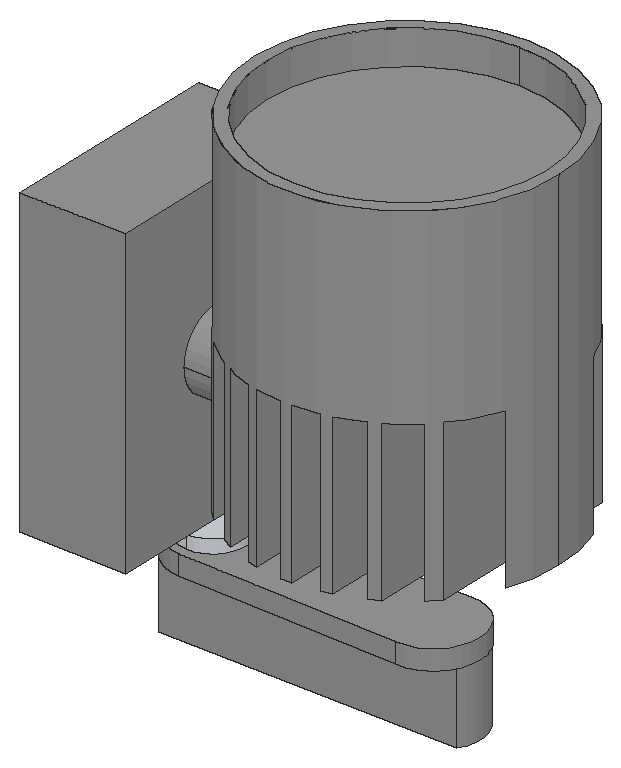
Revit family "2059779 Sylvania Lighting Fixture BEACON XL MUSE Xicato 3500K O B DIM LS3 Black", category Lighting Fixtures, host Face, Revit 2016
Family settings
  Host = Face
  Part Type = Normal
  Round Connector Dimension = Use Diameter
  OmniClass Number = 23.80.70.00
  OmniClass Title = Lighting
  Cut with Voids When Loaded = No
  Light Source = Yes
  Shared = No
  Room Calculation Point = No
Parameters (values of type "2059779 BEACON XL MUSE XICATO 3500K O/B LS3 BLK")
  ceiling drop = 180 mm
  Weight = "n/a"
  Wattage Comments = ""
  Wattage = 0 W
  WarrantyStartDate [instance] = "n/a"
  WarrantyGuarantorParts = ""
  WarrantyDurationUnit = "http://www.sylvania-lighting.com"
  WarrantyDurationParts = "n/a"
  WarrantyDescription = "0.95"
  built-in parameter 1150110 = 1 (stored number, unit not read)
  Voltage = 0 V
  URL = "\\\\svlondc02\\data\\R&D_Fixtures_General\\Dialux Admin\\Michael H\\Bim\\All ranges Feilo\\not Completed\\Beacon Xicato\\Beacon XL Muse Xicato\\2059779.ies"
  TypeName = "BEACON XL MUSE Xicato 3500K O/B DIM LS3 Black"
  Type Image = <None>
  Type Comments = "n/a"
  built-in parameter 1114217 = 1 (stored number, unit not read)
  Tilt Angle = 90.00°
  built-in parameter 1150109 = 1 (stored number, unit not read)
  built-in parameter 1150134 = 3
  built-in parameter 1150113 = 1 (stored number, unit not read)
  SerialNumber [instance] = "n/a"
  Photometric Web File = "2059779.ies"
  Material_3_FEILO = none
  PowerFactor = 0
  PowerConsumption = "0"
  NominalLength = 0 mm
  NominalHeight = 0 mm
  NominalDepth = 0 mm
  Name = "BEACON XL MUSE Xicato 3500K O/B DIM LS3 Black"
  ModelReference = Name  # "BEACON XL MUSE Xicato 3500K O/B DIM LS3 Black"
  ModelNumber = "2059779"
  Model = Name  # "BEACON XL MUSE Xicato 3500K O/B DIM LS3 Black"
  Material = ""
  ManufacturerName = ""
  Manufacturer = ""
  LuminousEfficacy = "100"
  built-in parameter 1150105 = (empty or 0)
  Lumens = 0 lm
  LuminaireType = "668/1741 lm"
  built-in parameter 1150115 = 1 (stored number, unit not read)
  Lighting Material = none
  LightOutputRatio = "3"
  built-in parameter 1150137 = (empty or 0)
  built-in parameter 1150139 = (empty or 0)
  Light = none
  LampsType = Lamp  # "n/a"
  LampNominalLuminous = "LED"
  LampMacAdamStep = "16500"
  LampColourTemperature = "n/a"
  LampColourRenderingIndex = "n/a"
  built-in parameter 1150112 = 1 (stored number, unit not read)
  built-in parameter 1150114 = 1 (stored number, unit not read)
  Lamp = "n/a"
  Keynote = "0"
  InstallationDate [instance] = "n/a"
  InputVoltage = "IP20"
  InputNominalFrequency = "IK02"
  built-in parameter 1150132 = (empty or 0)
  built-in parameter 1150102 = (empty or 0)
  built-in parameter 1150107 = 3200 (stored number, unit not read)
  built-in parameter 1150138 = (empty or 0)
  IngressProtection = ""
  ImpactProtectionIndex = "Class II"
  built-in parameter 1150106 = (empty or 0)
  IfcExportType = "IfcLightFixtureType"
  IfcExportAs = "50"
  ExpectedLife = 50000
  Emit from Circle Diameter = 609.6 mm
  Emit Shape Visible in Rendering = no
  ElectricShockClassification = ""
  built-in parameter 1150104 = 13.8 (stored number, unit not read)
  DurationUnit = "hours"
  Driver Width = 85 mm
  DocumentationLiterature = "http://www.sylvania-lighting.com/product/en-int/products/2059779"
  DimmingControlOptions = "n/a"
  Material_2_FEILO = none
  Dimming Lamp Color Temperature Shift = <None>
  Diameter = 115 mm
  Description = "Integrated LED spotlight with Xicato Artist LED Module, black RAL 9005, unique soft-touch ring, adjustable beam angle from a 10° spot to a 72° flood, compact and minimalist design, ideal for museum, gallery and high-end retail applications, die-cast aluminium body, passive cooling heatsink, beam angle: 10° spot to 72° flood, optics: aspheric glass lens, colour temperature: 3500K warm white, total system power: 35W, total fixture output: 668/1741lm, luminaire efficacy: 50lm/W, LOR: 100%, super high colour rendering: Ra 97 typical, R9 value at 90, LED Chromacity: 3 step MacAdam ellipse, lifetime: 50,000 hours at 70% of the original output (L70), energy class: A++, A+, A, IR/UV free light source without heat radiation, operating voltage: 220-240V / 50-60Hz, drive current: 1050mA, electronic driver, dimmable via on-board potentiometer, power factor: 0.95, electrical protection: CLASS I, 3-circuit track adaptor, suitable for Concord Lytespan 3 track, ingress protection rating: IP20, suitable for internal use."
  Default Elevation = 115 mm
  CreatedOn = "01/07/2019"
  CreatedBy = "@sylvania-lighting.com"
  Cost = 0
  Color Filter = 16777215
  built-in parameter 1114216 [instance] = (empty or 0)
  ClassificationValue = "EF_70_80"
  ClassificationName = "Uniclass2015"
  Material_1_FEILO = none
  BarCode [instance] = "n/a"
  built-in parameter 1114218 = 1 (stored number, unit not read)
  built-in parameter 1150133 = 10 (stored number, unit not read)
  AssetType = "Fixed"
  AssetIdentifier [instance] = "n/a"
  Assembly Code = "D5020200"
  Apparent Load = 35 VA
  Material_4_FEILO = none
  Adaptor Width = 35 mm
  Adaptor Pivot = 24.952 mm
  Adaptor Inside Width = 16.53 mm
Reference planes
  plane 1 "Center (Front/Back)": y = 0
  plane 2: z = 0
  plane 3 "Center (Left/Right)": x = 0
  plane 4: y = 57.5
  plane 5: y = -57.5
  plane 6: x = -57.5
  plane 7: x = 57.5
  plane 8: z = 180
  plane 9: z = 18
  plane 10: x = -72.5
  plane 11: x = -112.5
  plane 12: z = 133
  plane 13: z = 48
  plane 14: z = 76
  plane 15: y = 42.5
  plane 16: y = -42.5
  plane 17: y = 18.447
  plane 18: y = -16.553
  plane 19: y = 12.476
  plane 20: y = -12.476
  plane 21: y = 8.265
  plane 22: y = -8.265
  plane 23: z = 5.5
Forms (mm)
  Extrusion 1, solid, material "Aluminum", detail levels medium+fine
    sketch origin (0, 0, 0) x (1, 0, 0) y (0, 1, 0)
      loop
        circle (0, 0) r 57.5
    from 48 to 180
  Extrusion 2, solid, material "Aluminum", detail levels medium+fine
    sketch origin (0, 0, 0) x (1, 0, 0) y (0, 1, 0)
      loop
        line (-112.5, 42.5) -> (-112.5, -42.16) -> (-72.5, -42.16) -> (-72.5, 42.5) -> (-112.5, 42.5)
    from 18 to 133
  Extrusion 3, void
    sketch origin (0, 0, 48) x (1, 0, 0) y (0, 1, 0)
      loop
        line (43.7, -85.519) -> (53.7, -85.519) -> (53.7, 68.594) -> (43.7, 68.594) -> (43.7, -85.519)
      loop
        line (39.9, -85.519) -> (39.9, 68.594) -> (29.9, 68.594) -> (29.9, -85.519) -> (39.9, -85.519)
      loop
        line (26.1, -85.519) -> (26.1, 68.594) -> (16.1, 68.594) -> (16.1, -85.519) -> (26.1, -85.519)
      loop
        line (12.3, -85.519) -> (12.3, 68.594) -> (2.3, 68.594) -> (2.3, -85.519) -> (12.3, -85.519)
      loop
        line (-1.5, -85.519) -> (-1.5, 68.594) -> (-11.5, 68.594) -> (-11.5, -85.519) -> (-1.5, -85.519)
      loop
        line (-15.3, -85.519) -> (-15.3, 68.594) -> (-25.3, 68.594) -> (-25.3, -85.519) -> (-15.3, -85.519)
      loop
        line (-29.1, -85.519) -> (-29.1, 68.594) -> (-39.1, 68.594) -> (-39.1, -85.519) -> (-29.1, -85.519)
      loop
        line (-42.9, -85.519) -> (-42.9, 68.594) -> (-52.9, 68.594) -> (-52.9, -85.519) -> (-42.9, -85.519)
    from 0 to 60
  Extrusion 4, solid, material "Aluminum"
    sketch origin (319, 1524, 1219.2) x (0, 1, 0) y (0, 0, 1)
      loop
        circle (-1524, -1143.2) r 15
    from -391.5 to -361.9
  Extrusion 5, solid, detail levels fine
    sketch origin (-0.798, -15.316, 18) x (0, 1, 0) y (1, 0, 0)
      loop
        circle (15.34, -72.5) r 12.5
    from 0 to 5
  Extrusion 6, solid, material "Aluminum", detail levels fine
    sketch origin (-1.795, -27.856, 13) x (-1, 0, 0) y (0, 1, 0)
      loop
        arc (-11.998, 45.379) -> (-29.497, 27.722) -> (-11.683, 10.382) r 17.5
        line (-11.683, 10.382) -> (71.502, 11.879)
        arc (71.502, 11.879) -> (87.502, 27.879) -> (71.502, 43.879) r 16
        line (71.502, 43.879) -> (-11.998, 45.379)
    from 0 to 7.5
  Extrusion 7, void
    sketch origin (0, 0, 180) x (0, 1, 0) y (1, 0, 0)
      loop
        circle (0, 0) r 53
    from 0 to 15
  Extrusion 8, solid, material "Aluminum", detail levels fine
    sketch origin (0, 0, 0) x (1, 0, 0) y (0, 1, 0)
      loop
        arc (-87.012, 8.265) -> (-89.298, 0) -> (-87.012, -8.265) r 16.086
        line (-87.012, -8.265) -> (25.615, -8.265)
        arc (25.615, -8.265) -> (27.702, 0) -> (25.615, 8.265) r 17.405
        line (25.615, 8.265) -> (-87.012, 8.265)
    from -21.5 to 5.5
  Extrusion 9, solid, not visible
    sketch origin (0, 0, 0) x (1, 0, 0) y (0, 1, 0)
      loop
        circle (0, 0) r 57.5
    from 48 to 180
  Extrusion 10, void, not visible
    sketch origin (0, 0, 48) x (1, 0, 0) y (0, 1, 0)
      loop
        line (43.7, -85.519) -> (53.7, -85.519) -> (53.7, 68.594) -> (43.7, 68.594) -> (43.7, -85.519)
      loop
        line (39.9, -85.519) -> (39.9, 68.594) -> (29.9, 68.594) -> (29.9, -85.519) -> (39.9, -85.519)
      loop
        line (26.1, -85.519) -> (26.1, 68.594) -> (16.1, 68.594) -> (16.1, -85.519) -> (26.1, -85.519)
      loop
        line (12.3, -85.519) -> (12.3, 68.594) -> (2.3, 68.594) -> (2.3, -85.519) -> (12.3, -85.519)
      loop
        line (-1.5, -85.519) -> (-1.5, 68.594) -> (-11.5, 68.594) -> (-11.5, -85.519) -> (-1.5, -85.519)
      loop
        line (-15.3, -85.519) -> (-15.3, 68.594) -> (-25.3, 68.594) -> (-25.3, -85.519) -> (-15.3, -85.519)
      loop
        line (-29.1, -85.519) -> (-29.1, 68.594) -> (-39.1, 68.594) -> (-39.1, -85.519) -> (-29.1, -85.519)
      loop
        line (-42.9, -85.519) -> (-42.9, 68.594) -> (-52.9, 68.594) -> (-52.9, -85.519) -> (-42.9, -85.519)
    from 0 to 60
  Extrusion 11, solid, not visible
    sketch origin (319, 1524, 1219.2) x (0, 1, 0) y (0, 0, 1)
      loop
        circle (-1524, -1143.2) r 15
    from -391.5 to -361.9
  Extrusion 12, void, not visible
    sketch origin (0, 0, 180) x (0, 1, 0) y (1, 0, 0)
      loop
        circle (0, 0) r 53
    from 0 to 15
  Extrusion 13, solid, not visible
    sketch origin (0, 0, 0) x (1, 0, 0) y (0, 1, 0)
      loop
        circle (0, 0) r 57.5
    from 48 to 180
  Extrusion 14, solid, not visible
    sketch origin (0, 0, 0) x (1, 0, 0) y (0, 1, 0)
      loop
        line (-112.5, 42.5) -> (-112.5, -42.16) -> (-72.5, -42.16) -> (-72.5, 42.5) -> (-112.5, 42.5)
    from 18 to 133
  Extrusion 15, void, not visible
    sketch origin (0, 0, 48) x (1, 0, 0) y (0, 1, 0)
      loop
        line (43.7, -85.519) -> (53.7, -85.519) -> (53.7, 68.594) -> (43.7, 68.594) -> (43.7, -85.519)
      loop
        line (39.9, -85.519) -> (39.9, 68.594) -> (29.9, 68.594) -> (29.9, -85.519) -> (39.9, -85.519)
      loop
        line (26.1, -85.519) -> (26.1, 68.594) -> (16.1, 68.594) -> (16.1, -85.519) -> (26.1, -85.519)
      loop
        line (12.3, -85.519) -> (12.3, 68.594) -> (2.3, 68.594) -> (2.3, -85.519) -> (12.3, -85.519)
      loop
        line (-1.5, -85.519) -> (-1.5, 68.594) -> (-11.5, 68.594) -> (-11.5, -85.519) -> (-1.5, -85.519)
      loop
        line (-15.3, -85.519) -> (-15.3, 68.594) -> (-25.3, 68.594) -> (-25.3, -85.519) -> (-15.3, -85.519)
      loop
        line (-29.1, -85.519) -> (-29.1, 68.594) -> (-39.1, 68.594) -> (-39.1, -85.519) -> (-29.1, -85.519)
      loop
        line (-42.9, -85.519) -> (-42.9, 68.594) -> (-52.9, 68.594) -> (-52.9, -85.519) -> (-42.9, -85.519)
    from 0 to 60
  Extrusion 16, solid, not visible
    sketch origin (319, 1524, 1219.2) x (0, 1, 0) y (0, 0, 1)
      loop
        circle (-1524, -1143.2) r 15
    from -391.5 to -361.9
  Extrusion 17, void, not visible
    sketch origin (0, 0, 180) x (0, 1, 0) y (1, 0, 0)
      loop
        circle (0, 0) r 53
    from 0 to 15
  Extrusion 18, solid, not visible
    sketch origin (0, 0, 0) x (1, 0, 0) y (0, 1, 0)
      loop
        circle (0, 0) r 57.5
    from 48 to 180
  Extrusion 19, solid, not visible
    sketch origin (0, 0, 0) x (1, 0, 0) y (0, 1, 0)
      loop
        line (-112.5, 42.5) -> (-112.5, -42.16) -> (-72.5, -42.16) -> (-72.5, 42.5) -> (-112.5, 42.5)
    from 18 to 133
  Extrusion 20, void, not visible
    sketch origin (0, 0, 48) x (1, 0, 0) y (0, 1, 0)
      loop
        line (43.7, -85.519) -> (53.7, -85.519) -> (53.7, 68.594) -> (43.7, 68.594) -> (43.7, -85.519)
      loop
        line (39.9, -85.519) -> (39.9, 68.594) -> (29.9, 68.594) -> (29.9, -85.519) -> (39.9, -85.519)
      loop
        line (26.1, -85.519) -> (26.1, 68.594) -> (16.1, 68.594) -> (16.1, -85.519) -> (26.1, -85.519)
      loop
        line (12.3, -85.519) -> (12.3, 68.594) -> (2.3, 68.594) -> (2.3, -85.519) -> (12.3, -85.519)
      loop
        line (-1.5, -85.519) -> (-1.5, 68.594) -> (-11.5, 68.594) -> (-11.5, -85.519) -> (-1.5, -85.519)
      loop
        line (-15.3, -85.519) -> (-15.3, 68.594) -> (-25.3, 68.594) -> (-25.3, -85.519) -> (-15.3, -85.519)
      loop
        line (-29.1, -85.519) -> (-29.1, 68.594) -> (-39.1, 68.594) -> (-39.1, -85.519) -> (-29.1, -85.519)
      loop
        line (-42.9, -85.519) -> (-42.9, 68.594) -> (-52.9, 68.594) -> (-52.9, -85.519) -> (-42.9, -85.519)
    from 0 to 60
  Extrusion 21, solid, not visible
    sketch origin (319, 1524, 1219.2) x (0, 1, 0) y (0, 0, 1)
      loop
        circle (-1524, -1143.2) r 15
    from -391.5 to -361.9
  Extrusion 22, solid, not visible
    sketch origin (-0.798, -15.316, 18) x (0, 1, 0) y (1, 0, 0)
      loop
        circle (15.34, -72.5) r 12.5
    from 0 to 5
  Extrusion 23, solid, not visible
    sketch origin (-1.795, -27.856, 13) x (-1, 0, 0) y (0, 1, 0)
      loop
        arc (-11.998, 45.379) -> (-29.497, 27.722) -> (-11.683, 10.382) r 17.5
        line (-11.683, 10.382) -> (71.502, 11.879)
        arc (71.502, 11.879) -> (87.502, 27.879) -> (71.502, 43.879) r 16
        line (71.502, 43.879) -> (-11.998, 45.379)
    from 0 to 7.5
  Extrusion 24, void, not visible
    sketch origin (0, 0, 180) x (0, 1, 0) y (1, 0, 0)
      loop
        circle (0, 0) r 53
    from 0 to 15
  Extrusion 25, solid, not visible
    sketch origin (0, 0, 0) x (1, 0, 0) y (0, 1, 0)
      loop
        circle (0, 0) r 57.5
    from 48 to 180
  Extrusion 26, solid, not visible
    sketch origin (0, 0, 0) x (1, 0, 0) y (0, 1, 0)
      loop
        line (-112.5, 42.5) -> (-112.5, -42.16) -> (-72.5, -42.16) -> (-72.5, 42.5) -> (-112.5, 42.5)
    from 18 to 133
  Extrusion 27, void, not visible
    sketch origin (0, 0, 48) x (1, 0, 0) y (0, 1, 0)
      loop
        line (43.7, -85.519) -> (53.7, -85.519) -> (53.7, 68.594) -> (43.7, 68.594) -> (43.7, -85.519)
      loop
        line (39.9, -85.519) -> (39.9, 68.594) -> (29.9, 68.594) -> (29.9, -85.519) -> (39.9, -85.519)
      loop
        line (26.1, -85.519) -> (26.1, 68.594) -> (16.1, 68.594) -> (16.1, -85.519) -> (26.1, -85.519)
      loop
        line (12.3, -85.519) -> (12.3, 68.594) -> (2.3, 68.594) -> (2.3, -85.519) -> (12.3, -85.519)
      loop
        line (-1.5, -85.519) -> (-1.5, 68.594) -> (-11.5, 68.594) -> (-11.5, -85.519) -> (-1.5, -85.519)
      loop
        line (-15.3, -85.519) -> (-15.3, 68.594) -> (-25.3, 68.594) -> (-25.3, -85.519) -> (-15.3, -85.519)
      loop
        line (-29.1, -85.519) -> (-29.1, 68.594) -> (-39.1, 68.594) -> (-39.1, -85.519) -> (-29.1, -85.519)
      loop
        line (-42.9, -85.519) -> (-42.9, 68.594) -> (-52.9, 68.594) -> (-52.9, -85.519) -> (-42.9, -85.519)
    from 0 to 60
  Extrusion 28, solid, not visible
    sketch origin (319, 1524, 1219.2) x (0, 1, 0) y (0, 0, 1)
      loop
        circle (-1524, -1143.2) r 15
    from -391.5 to -361.9
  Extrusion 29, solid, not visible
    sketch origin (-0.798, -15.316, 18) x (0, 1, 0) y (1, 0, 0)
      loop
        circle (15.34, -72.5) r 12.5
    from 0 to 5
  Extrusion 30, solid, not visible
    sketch origin (-1.795, -27.856, 13) x (-1, 0, 0) y (0, 1, 0)
      loop
        arc (-11.998, 45.379) -> (-29.497, 27.722) -> (-11.683, 10.382) r 17.5
        line (-11.683, 10.382) -> (71.502, 11.879)
        arc (71.502, 11.879) -> (87.502, 27.879) -> (71.502, 43.879) r 16
        line (71.502, 43.879) -> (-11.998, 45.379)
    from 0 to 7.5
  Extrusion 31, void, not visible
    sketch origin (0, 0, 180) x (0, 1, 0) y (1, 0, 0)
      loop
        circle (0, 0) r 53
    from 0 to 15
  Extrusion 32, solid, not visible
    sketch origin (0, 0, 0) x (1, 0, 0) y (0, 1, 0)
      loop
        arc (-87.012, 8.265) -> (-89.298, 0) -> (-87.012, -8.265) r 16.086
        line (-87.012, -8.265) -> (25.615, -8.265)
        arc (25.615, -8.265) -> (27.702, 0) -> (25.615, 8.265) r 17.405
        line (25.615, 8.265) -> (-87.012, 8.265)
    from -21.5 to 5.5
  Extrusion 33, solid, material "Glass, White, High Luminance", detail levels medium+fine
    sketch origin (0, 0, 165) x (0, 1, 0) y (-1, 0, 0)
      loop
        circle (0, 0) r 53
    from 0 to 2
  Extrusion 34, solid, detail levels coarse
    sketch origin (0, 0, 180) x (1, 0, 0) y (0, 1, 0)
      loop
        line (57.5, 57.5) -> (-112.5, 57.5) -> (-112.5, -57.5) -> (57.5, -57.5) -> (57.5, 57.5)
    from -201.5 to 0
Cuts and joins
  Extrusion 3, Extrusion 7 cuts Extrusion 1
Lines and regions (mm)
  reference lines
    curve 1: line (-73.298, 12.524, 13) -> (-73.298, -12.476, 13)
    curve 2: line (-60.798, -15.316, 13) -> (-85.798, -15.316, 13)
    curve 7: line (0, 53, 165) -> (0, -83.894, 165)
    curve 8: line (-53, 0, 165) -> (73.513, 0, 165)
  reference lines, not visible
    curve 3: line (-73.298, 12.524, 13) -> (-73.298, -12.476, 13)
    curve 4: line (-60.798, -15.316, 13) -> (-85.798, -15.316, 13)
    curve 5: line (-73.298, 12.524, 13) -> (-73.298, -12.476, 13)
    curve 6: line (-60.798, -15.316, 13) -> (-85.798, -15.316, 13)
Dimensions and locks
  "Diameter": plane 6 to plane 7
  equal spacing: plane 6, plane 3 "Center (Left/Right)", plane 7, locked at 57.5 each
  "Diameter": plane 4 to plane 5
  equal spacing: plane 4, plane 1 "Center (Front/Back)", plane 5, locked at 57.5 each
  "ceiling drop": plane 8 to level
  locked: plane 8 to plane 9 at 162
  locked: plane 12 to plane 9 at 115
  "Driver Width": plane 15 to plane 16
  equal spacing: plane 15, plane 1 "Center (Front/Back)", plane 16
  "Adaptor Width": plane 17 to plane 18
  "Adaptor Pivot": plane 19 to plane 20
  equal spacing: plane 19, plane 1 "Center (Front/Back)", plane 20
  "Adaptor Inside Width": plane 21 to plane 22
  equal spacing: plane 21, plane 1 "Center (Front/Back)", plane 22
  aligned and locked: plane 2 to host face
  aligned and locked: level to host face
  aligned and locked: plane 8 to Extrusion 1
Automatic sketch dimensions
  host sketch curve to host sketch curve = 2438.4 mm  (x2)
  Extrusion 3 sketch curve to Extrusion 3 sketch curve = 10 mm  (x8)
  Extrusion 3 sketch curve to Extrusion 3 sketch curve = 3.8 mm  (x7)
  Extrusion 3 sketch curve to Extrusion 3 sketch curve = 0 mm  (x14)
  Extrusion 3 sketch curve to Extrusion 3 sketch curve = 154.113 mm
  Extrusion 6 sketch curve to Extrusion 6 sketch curve = 83.185 mm
  Extrusion 6 sketch curve to Extrusion 6 sketch curve = 0.315 mm
  Extrusion 6 sketch curve to Extrusion 6 sketch curve = 1.5 mm
  Extrusion 6 sketch curve to Extrusion 6 sketch curve = 17.5 mm
  Extrusion 8 sketch curve to Extrusion 8 sketch curve = 15.318 mm
  Extrusion 10 sketch curve to Extrusion 10 sketch curve = 10 mm  (x8)
  Extrusion 10 sketch curve to Extrusion 10 sketch curve = 3.8 mm  (x7)
  Extrusion 10 sketch curve to Extrusion 10 sketch curve = 0 mm  (x14)
  Extrusion 10 sketch curve to Extrusion 10 sketch curve = 154.113 mm
  Extrusion 2 sketch curve to Extrusion 2 sketch curve = 40 mm
  Extrusion 2 sketch curve to Extrusion 2 sketch curve = 84.66 mm
  Extrusion 15 sketch curve to Extrusion 15 sketch curve = 10 mm  (x8)
  Extrusion 15 sketch curve to Extrusion 15 sketch curve = 3.8 mm  (x7)
  Extrusion 15 sketch curve to Extrusion 15 sketch curve = 0 mm  (x14)
  Extrusion 15 sketch curve to Extrusion 15 sketch curve = 154.113 mm
  Extrusion 14 sketch curve to Extrusion 14 sketch curve = 40 mm
  Extrusion 14 sketch curve to Extrusion 14 sketch curve = 84.66 mm
  Extrusion 20 sketch curve to Extrusion 20 sketch curve = 10 mm  (x8)
  Extrusion 20 sketch curve to Extrusion 20 sketch curve = 3.8 mm  (x7)
  Extrusion 20 sketch curve to Extrusion 20 sketch curve = 0 mm  (x14)
  Extrusion 20 sketch curve to Extrusion 20 sketch curve = 154.113 mm
  Extrusion 23 sketch curve to Extrusion 23 sketch curve = 83.185 mm
  Extrusion 23 sketch curve to Extrusion 23 sketch curve = 0.315 mm
  Extrusion 23 sketch curve to Extrusion 23 sketch curve = 1.5 mm
  Extrusion 23 sketch curve to Extrusion 23 sketch curve = 17.5 mm
  Extrusion 19 sketch curve to Extrusion 19 sketch curve = 40 mm
  Extrusion 19 sketch curve to Extrusion 19 sketch curve = 84.66 mm
  Extrusion 8 sketch curve to Extrusion 8 sketch curve = 0 mm  (x2)
  Extrusion 8 sketch curve to Extrusion 8 sketch curve = 13.8 mm
  Extrusion 8 sketch curve to Extrusion 8 sketch curve = 83.509 mm
  Extrusion 8 sketch curve to Extrusion 8 sketch curve = 8.265 mm
  Extrusion 27 sketch curve to Extrusion 27 sketch curve = 10 mm  (x8)
  Extrusion 27 sketch curve to Extrusion 27 sketch curve = 3.8 mm  (x7)
  Extrusion 27 sketch curve to Extrusion 27 sketch curve = 0 mm  (x14)
  Extrusion 27 sketch curve to Extrusion 27 sketch curve = 154.113 mm
  Extrusion 30 sketch curve to Extrusion 30 sketch curve = 83.185 mm
  Extrusion 30 sketch curve to Extrusion 30 sketch curve = 0.315 mm
  Extrusion 30 sketch curve to Extrusion 30 sketch curve = 1.5 mm
  Extrusion 30 sketch curve to Extrusion 30 sketch curve = 17.5 mm
  Extrusion 32 sketch curve to Extrusion 32 sketch curve = 15.318 mm
  Extrusion 26 sketch curve to Extrusion 26 sketch curve = 40 mm
  Extrusion 26 sketch curve to Extrusion 26 sketch curve = 84.66 mm
  Extrusion 32 sketch curve to Extrusion 32 sketch curve = 0 mm  (x2)
  Extrusion 32 sketch curve to Extrusion 32 sketch curve = 13.8 mm
  Extrusion 32 sketch curve to Extrusion 32 sketch curve = 83.509 mm
  Extrusion 32 sketch curve to Extrusion 32 sketch curve = 8.265 mm
  Extrusion 8 sketch curve to plane 21 = 0 mm
  Extrusion 8 sketch curve to plane 10 = 14.512 mm
  Extrusion 2 to Extrusion 5 sketch curve = 0.798 mm
  Extrusion 2 to Extrusion 5 sketch curve = 42.184 mm
  curve 2 to curve 1 = 2.84 mm
  curve 1 to curve 1 = 25 mm
  curve 2 to curve 1 = 12.5 mm
  curve 1 to curve 2 = 12.5 mm
  Extrusion 2 sketch curve to plane 11 = 0 mm
  plane 15 to Extrusion 2 sketch curve = 0 mm
  plane 1 "Center (Front/Back)" to Extrusion 1 sketch curve = 0 mm
  Extrusion 1 sketch curve to plane 3 "Center (Left/Right)" = 0 mm
  Extrusion 4 sketch curve to plane 1 "Center (Front/Back)" = 0 mm
  plane 14 to Extrusion 4 sketch curve = 0 mm
  curve 7 to curve 8 = 83.894 mm
  curve 8 to curve 7 = 53 mm
  curve 8 to curve 7 = 73.513 mm
  curve 7 to curve 8 = 53 mm
  Extrusion 34 sketch curve to Extrusion 34 sketch curve = 170 mm
  Extrusion 34 sketch curve to Extrusion 34 sketch curve = 115 mm
  radius of Extrusion 1 sketch curve = 57.5 mm
  radius of Extrusion 4 sketch curve = 15 mm
  radius of Extrusion 5 sketch curve = 12.5 mm
  radius of Extrusion 5 to Extrusion 6 sketch curve = 3.5 mm
  radius of Extrusion 7 sketch curve = 53 mm
  radius of Extrusion 9 sketch curve = 57.5 mm
  radius of Extrusion 11 sketch curve = 15 mm
  radius of Extrusion 12 sketch curve = 53 mm
  radius of Extrusion 13 sketch curve = 57.5 mm
  radius of Extrusion 16 sketch curve = 15 mm
  radius of Extrusion 17 sketch curve = 53 mm
  radius of Extrusion 18 sketch curve = 57.5 mm
  radius of Extrusion 21 sketch curve = 15 mm
  radius of Extrusion 22 sketch curve = 12.5 mm
  radius of Extrusion 22 to Extrusion 23 sketch curve = 3.5 mm
  radius of Extrusion 24 sketch curve = 53 mm
  radius of Extrusion 25 sketch curve = 57.5 mm
  radius of Extrusion 28 sketch curve = 15 mm
  radius of Extrusion 29 sketch curve = 12.5 mm
  radius of Extrusion 29 to Extrusion 30 sketch curve = 3.5 mm
  radius of Extrusion 31 sketch curve = 53 mm
  radius of Extrusion 33 sketch curve to Extrusion 7 = 0 mm
Connectors
  electrical at (-30.699, 0, -21.5)
    settings: on Extrusion 8, index 1, voltage 0 V, apparent load 0 VA, apparent load phase1 0 VA, apparent load phase2 0 VA, apparent load phase3 0 VA, power factor 1, load classification "Other", number of poles 1, system type 31, power factor state 1, is connector primary yes, connector utility no, sub classification motor no, connector description ""
